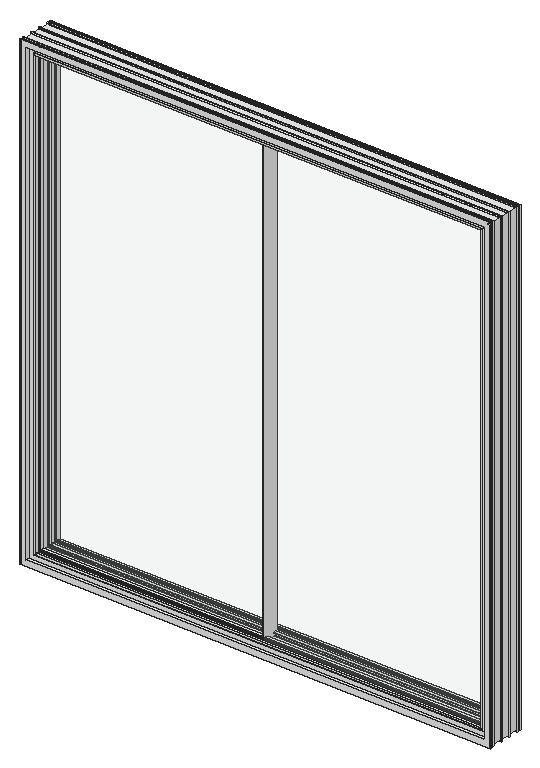
Revit family "LS60 B", category Generic Models, Revit 2015
Parameters
  w.5 = Width / 2  # 1000 mm
  b = 20 mm  # constant formula
  a = Height - 20 mm  # 1980 mm
  Width = 2000 mm
  W/6 = Width / 6  # 333.333 mm
  W/3 = Width / 3  # 666.667 mm
  URL = "www.nanawall.com"
  Model = "LS60 B"
  Manufacturer = "Nanawall"  # constant formula
  Height = 2000 mm
  Author = "Yepsketch"  # constant formula
Reference planes
  plane 1 "Center (Front/Back)": y = 0
  plane 2: z = 0
  plane 3 "Center (Left/Right)": x = 0
  plane 4: y = -24.625
  plane 5: y = 24.625
  plane 6 "referencia 1": x = 999.146
  plane 7: x = 2000
  plane 8: z = 2000
  plane 9: x = 998.291
  plane 10: x = 1000
  plane 11: x = 1999.146
  plane 12: x = 1998.291
  plane 13: x = 2000
Forms (mm)
  Sweep 1, solid, material "aluminio"
    path origin (0, 0, 0) x (1, 0, 0) y (0, 0, 1)
      loop
        line (0, 2000) -> (0, 0) -> (2000, 0) -> (2000, 2000) -> (0, 2000)
    profile "Profile LS60 : Profile LS60" origin (0, 0, 1000) x (1, 0, 0) y (0, -1, 0)
      loop
        line (0, -80) -> (23.023, -80) -> (23.023, -63.24) -> (43.023, -63.24) -> (44.372, -64.589) -> (52.124, -63.774) -> (52.124, -51.963) -> (47.124, -51.963) -> (47.124, -49.952) -> (45.546, -49.952) -> (45.546, -50.957) -> (36.121, -50.957) -> (36.121, -48.376) -> (37.059, -46.751) -> (37.059, -37.887) -> (36.121, -34.385) -> (45.546, -34.385) -> (45.546, -35.242) -> (47.124, -35.242) -> (47.124, -33.634) -> (52.124, -33.634) -> (52.124, -21.613) -> (44.522, -20.272)
        arc (44.522, -20.272) -> (43.498, -20.696) -> (43.074, -21.72) r 1.447
        line (43.074, -21.72) -> (36.761, -21.72) -> (33.516, -20.207) -> (33.516, 0) -> (33.516, 20.207) -> (36.761, 21.72) -> (43.074, 21.72)
        arc (43.074, 21.72) -> (43.498, 20.696) -> (44.522, 20.272) r 1.447
        line (44.522, 20.272) -> (52.124, 21.613) -> (52.124, 33.634) -> (47.124, 33.634) -> (47.124, 35.242) -> (45.546, 35.242) -> (45.546, 34.385) -> (36.121, 34.385) -> (37.059, 37.887) -> (37.059, 46.751) -> (36.121, 48.376) -> (36.121, 50.957) -> (45.546, 50.957) -> (45.546, 49.952) -> (47.124, 49.952) -> (47.124, 51.963) -> (52.124, 51.963) -> (52.124, 63.774) -> (44.372, 64.589) -> (43.023, 63.24) -> (23.023, 63.24) -> (23.023, 80) -> (0, 80) -> (0, 77.132) -> (1.648, 76.181) -> (1.648, 78.183)
        arc (1.648, 78.183) -> (3.568, 78.491) -> (4.84, 77.021) r 1.998
        line (4.84, 77.021) -> (4.84, 63.994) -> (1.648, 63.994) -> (1.648, 66.043) -> (0, 66.043) -> (0, 62.365) -> (4.84, 62.365) -> (4.84, 23.476)
        arc (4.84, 23.476) -> (2.71, 21.799) -> (0, 21.714) r 4.339
        line (0, 21.714) -> (0, 19.85) -> (1.835, 19.85) -> (1.835, 17.13) -> (4.252, 17.13) -> (4.252, 0) -> (4.252, -17.13) -> (1.835, -17.13) -> (1.835, -19.85) -> (0, -19.85) -> (0, -21.714)
        arc (0, -21.714) -> (2.71, -21.799) -> (4.84, -23.476) r 4.339
        line (4.84, -23.476) -> (4.84, -62.365) -> (0, -62.365) -> (0, -66.043) -> (1.648, -66.043) -> (1.648, -63.994) -> (4.84, -63.994) -> (4.84, -77.021)
        arc (4.84, -77.021) -> (3.568, -78.491) -> (1.648, -78.183) r 1.998
        line (1.648, -78.183) -> (1.648, -76.181) -> (0, -77.132) -> (0, -80)
  Extrusion 2, solid, material "aluminio"
    sketch origin (1000.708, 24.526, 0) x (1, 0, 0) y (0, 1, 0)
      loop
        line (-0.708, 11.475) -> (-2.417, 11.475) -> (-2.417, -60.525) -> (-0.708, -60.525) -> (-0.708, 11.475)
    from 20 <- "b" to 1980 <- "a"
  Extrusion 3, solid, material "Glass"
    sketch origin (999.146, -6.138, 0) x (1, 0, 0) y (0, 1, 0)
      loop
        line (-0.854, 6.139) -> (-0.854, 42.139) -> (-971.718, 42.139) -> (-971.718, 6.139) -> (-0.854, 6.139)
    from 20 <- "b" to 1980 <- "a"
  Extrusion 4, solid, material "Glass"
    sketch origin (6999.146, -42.138, 0) x (-1, 0, 0) y (0, -1, 0)
      loop
        line (5999.146, -6.139) -> (5028.282, -6.139) -> (5028.282, -42.139) -> (5999.146, -42.139) -> (5999.146, -6.139)
    from 20 <- "b" to 1980 <- "a"
Dimensions and locks
  "Width": plane 7 to plane 3 "Center (Left/Right)"
  "Height": plane 8 to level
  locked: plane 6 "referencia 1" to plane 9 at 0.854
  locked: plane 10 to plane 6 "referencia 1" at 0.854
  locked: plane 11 to plane 12 at 0.854
  locked: plane 13 to plane 11 at 0.854
  "w.5": plane 10 to plane 3 "Center (Left/Right)"
  "w.5": plane 13 to plane 10
  aligned and locked: level to plane 2
  aligned and locked: Sweep 1 sketch curve to plane 3 "Center (Left/Right)"
  aligned and locked: Sweep 1 sketch curve to plane 8
  aligned and locked: Sweep 1 sketch curve to plane 7
  aligned and locked: Sweep 1 sketch curve to level
  aligned and locked: Extrusion 2 to plane 9
  aligned and locked: Extrusion 2 sketch curve to plane 10
  aligned and locked: plane 9 to Extrusion 3
  aligned and locked: Extrusion 3 sketch curve to Extrusion 2
  aligned and locked: Extrusion 2 to Extrusion 4
  aligned and locked: Extrusion 4 to Extrusion 2
Automatic sketch dimensions
  Extrusion 2 sketch curve to plane 9 = 0 mm
  plane 1 "Center (Front/Back)" to Extrusion 2 sketch curve = 36 mm
  Extrusion 2 sketch curve to plane 5 = 11.375 mm
  Extrusion 3 sketch curve to plane 9 = 0 mm
  plane 3 "Center (Left/Right)" to Extrusion 3 sketch curve = 27.428 mm
  plane 5 to Extrusion 3 sketch curve = 24.625 mm
  Extrusion 3 sketch curve to Extrusion 3 sketch curve = 36 mm
  plane 10 to Extrusion 4 sketch curve = 0 mm
  Extrusion 4 sketch curve to plane 12 = 27.428 mm
  plane 5 to Extrusion 4 sketch curve = 24.625 mm
  plane 5 to Extrusion 4 sketch curve = 60.625 mm
